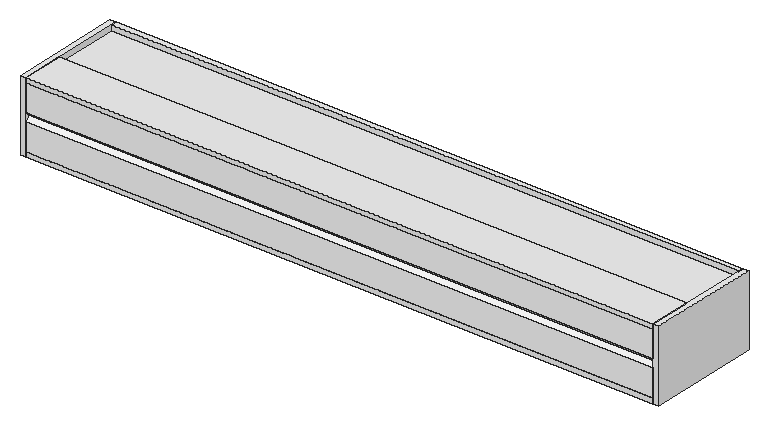
Revit family "4070742+4070747 Feilo Sylvania Lighting Fixture CURSUS 306MM 218LM OVAL LED 4K with SINGLE WALL HOUSING", category Lighting Fixtures, host Face, Revit 2017
Family settings
  Host = Face
  Round Connector Dimension = Use Diameter
  Part Type = Normal
  OmniClass Number = 23.80.70.14
  OmniClass Title = Luminaries for External Lighting
  Cut with Voids When Loaded = Yes
  Light Source = Yes
  Shared = Yes
  Room Calculation Point = No
Parameters (values of type "4070742 CURSUS 306MM 218LM OVAL LED 4K")
  Width_FEILO = 35 mm
  Weight = "0.6 kg"
  Wattage Comments = "n/a"
  Wattage = 4.5 W
  WarrantyStartDate [instance] = "n/a"
  WarrantyGuarantorParts = "n/a"
  WarrantyDurationUnit = "n/a"
  WarrantyDurationParts = "n/a"
  WarrantyDescription = "n/a"
  WallThickness_FEILO = 2.5 mm
  built-in parameter 1150110 = 1 (stored number, unit not read)
  Voltage = 24 V
  URL = "http://www.sylvania-lighting.com"
  TypeName = "CURSUS 306MM 218LM OVAL LED 4K"
  Type Image = <None>
  Type Comments = "n/a"
  built-in parameter 1114217 = 1 (stored number, unit not read)
  Tilt Angle = -90.00°
  built-in parameter 1150109 = 1 (stored number, unit not read)
  built-in parameter 1150134 = 12
  built-in parameter 1150113 = 1 (stored number, unit not read)
  SerialNumber [instance] = "n/a"
  ReflectorMaterial = none
  PowerFactor = 0
  PowerConsumption = "4.5 W"
  Photometric Web File = "4070742.ies"
  NominalLength = 306 mm
  NominalHeight = 50 mm
  NominalDepth = 30 mm
  Name = "CURSUS 306MM 218LM OVAL LED 4K"
  ModelReference = Name  # "CURSUS 306MM 218LM OVAL LED 4K"
  ModelNumber = "4070742"
  Model = Name  # "CURSUS 306MM 218LM OVAL LED 4K"
  Material = "natural anodised extruded aluminium structure housing, optical system with pmma lenses diffuser"
  ManufacturerName = "Feilo Sylvania"
  Manufacturer = "Feilo Sylvania"
  LuminousEfficacy = "48.44 lm/W"
  built-in parameter 1150105 = 298.55 (stored number, unit not read)
  Lumens = 218 lm
  LuminaireType = ""
  built-in parameter 1150115 = 1 (stored number, unit not read)
  LightOutputRatio = "100"
  built-in parameter 1150137 = (empty or 0)
  built-in parameter 1150139 = (empty or 0)
  Length_FEILO = 312 mm
  LampsType = Lamp  # "LED"
  LampNominalLuminous = "218 lm"
  LampMacAdamStep = "n/a"
  LampColourTemperature = "4000 K"
  LampColourRenderingIndex = "80"
  built-in parameter 1150112 = 1 (stored number, unit not read)
  built-in parameter 1150114 = 1 (stored number, unit not read)
  Lamp = "LED"
  Keynote = "16500"
  InstallationDate [instance] = "n/a"
  InputVoltage = "24V DC"
  InputNominalFrequency = "n/a"
  built-in parameter 1150132 = (empty or 0)
  built-in parameter 1150102 = (empty or 0)
  built-in parameter 1150107 = 4000 (stored number, unit not read)
  built-in parameter 1150138 = (empty or 0)
  IngressProtection = "IP67"
  ImpactProtectionIndex = "IK07"
  built-in parameter 1150106 = 2.9855 (stored number, unit not read)
  IfcExportType = "IfcLightFixtureType"
  IfcExportAs = "IfcLightFixtureType"
  ExpectedLife = 50000
  EndCapRight [instance] = yes
  EndCapLeft [instance] = yes
  Emit from Rectangle Width = Width_FEILO - WallThickness_FEILO * 2  # 30 mm
  Emit from Rectangle Length = Length_FEILO - WallThickness_FEILO * 2  # 307 mm
  Emit Shape Visible in Rendering = no
  ElectricShockClassification = "Class III"
  built-in parameter 1150104 = 4.5006 (stored number, unit not read)
  DurationUnit = "hours"
  DocumentationLiterature = "http://www.sylvania-lighting.com/product/en-int/products/4070742"
  DimmingControlOptions = "n/a"
  Dimming Lamp Color Temperature Shift = <None>
  DiffuserMaterial = Diffuser-Sylvania-Glow
  Description = "LED Exterior Lighting Recessed Surface Mounted Linear Fixture, Natural anodised extruded aluminium structure. Die-cast aluminium end caps. Installation kit with harmonic steel springs., 218 lm, 4,5W,  48lm/W, 4000K, CRI80+,non dimmable,IP67, IK07, (HxWxD) 306x50x30mm, 3 step Mac Adam Ellipse, 0.6kg,, Classe III, 21-25V-DC, energy class : A++, A+, A"
  Default Elevation = 1219.2 mm
  CreatedOn = "1/8/2018"
  CreatedBy = ""
  Cost = 0
  Color Filter = 16777215
  built-in parameter 1114216 [instance] = (empty or 0)
  ClassificationValue = "EF_70_80"
  ClassificationName = "Uniclass2015"
  BodyMaterial = Body-Sylvania-Gray
  BarCode [instance] = "n/a"
  built-in parameter 1114218 = 1 (stored number, unit not read)
  built-in parameter 1150133 = 10 (stored number, unit not read)
  AssetType = "Fixed"
  AssetIdentifier [instance] = "n/a"
  Assembly Code = "D5020200"
  Apparent Load = 4.5 VA
  AccessoryMaterial = Diffuser-Sylvania-Glow
Reference planes
  plane 1 "Center (Front/Back)": y = 0
  plane 2: z = 0
  plane 3 "Center (Left/Right)": x = 0
  plane 4: x = 156
  plane 5: x = -156
  plane 6: x = -153.5
  plane 7: x = 153.5
  plane 8: z = 35
  plane 9: z = 17.5
  plane 10: z = 32.5
  plane 11: z = 2.5
  plane 12: z = 30
  plane 13: z = 5
  plane 14: y = -55
  plane 15: y = -53
  plane 16: y = -2.5
  plane 17: y = -37
  plane 18: y = -34.5
Forms (mm)
  Extrusion 1, solid, material "Body-Sylvania-Gray" <- "BodyMaterial"
    sketch origin (0, 0, 0) x (0, 1, 0) y (0, 0, 1)
      loop
        line (0, 35) -> (-2.5, 35) -> (-2.5, 32.5) -> (-34.5, 32.5) -> (-34.5, 35) -> (-55, 35) -> (-55, 32.5) -> (-37, 32.5) -> (-37, 30) -> (-2.5, 30) -> (-2.5, 5) -> (-37, 5) -> (-37, 2.5) -> (-55, 2.5) -> (-55, 0) -> (-34.5, 0) -> (-34.5, 2.5) -> (-2.5, 2.5) -> (-2.5, 0) -> (0, 0) -> (0, 35)
    from -153.5 to 153.5
  Extrusion 2, solid, material "Diffuser-Sylvania-Glow" <- "DiffuserMaterial"
    sketch origin (0, 0, 0) x (0, 1, 0) y (0, 0, 1)
      loop
        line (-37, 32.5) -> (-55, 32.5) -> (-55, 19.5) -> (-53, 17.5) -> (-55, 15.5) -> (-55, 2.5) -> (-37, 2.5) -> (-37, 32.5)
    from -153.5 to 153.5
  Extrusion 3, solid, material "Body-Sylvania-Gray" <- "BodyMaterial", visible <- "EndCapRight"
    sketch origin (153.5, 1524, 1219.2) x (0, 1, 0) y (0, 0, 1)
      loop
        line (-1579, -1184.2) -> (-1579, -1219.2) -> (-1524, -1219.2) -> (-1524, -1184.2) -> (-1579, -1184.2)
    from 0 to 2.5
  Extrusion 4, solid, material "Body-Sylvania-Gray" <- "BodyMaterial", visible <- "EndCapLeft"
    sketch origin (-153.5, 1524, 1219.2) x (0, 1, 0) y (0, 0, 1)
      loop
        line (-1579, -1184.2) -> (-1579, -1219.2) -> (-1524, -1219.2) -> (-1524, -1184.2) -> (-1579, -1184.2)
    from -2.5 to 0
Dimensions and locks
  equal spacing: plane 5, plane 3 "Center (Left/Right)", plane 4
  "Length_FEILO": plane 5 to plane 4
  equal spacing: plane 6, plane 3 "Center (Left/Right)", plane 7
  "WallThickness_FEILO": plane 5 to plane 6
  locked: plane 9 to plane 2 at 17.5
  locked: plane 8 to plane 2 at 35
  equal spacing: plane 11, plane 9, plane 10
  equal spacing: plane 13, plane 9, plane 12
  "WallThickness_FEILO": plane 12 to plane 10
  locked: plane 14 to plane 15 at 2
  locked: plane 14 to plane 17 at 18
  "WallThickness_FEILO": plane 17 to plane 18
  "WallThickness_FEILO": plane 16 to plane 1 "Center (Front/Back)"
  locked: plane 15 to Extrusion 2 sketch curve (angle 45.00°)
  locked: Extrusion 2 sketch curve to plane 15 (angle 45.00°)
  aligned and locked: plane 2 to host face
  aligned and locked: level to host face
  aligned and locked: plane 1 "Center (Front/Back)" to Extrusion 1 sketch curve
  aligned and locked: Extrusion 1 sketch curve to plane 8  (x2)
  aligned and locked: plane 16 to Extrusion 1 sketch curve
  aligned and locked: host face to Extrusion 1 sketch curve
  aligned and locked: Extrusion 1 sketch curve to plane 16  (x2)
  aligned and locked: Extrusion 1 sketch curve to plane 11
  aligned and locked: plane 18 to Extrusion 1 sketch curve
  aligned and locked: level to Extrusion 1 sketch curve
  aligned and locked: plane 11 to Extrusion 1 sketch curve
  aligned and locked: Extrusion 1 sketch curve to plane 17
  aligned and locked: plane 13 to Extrusion 1 sketch curve
  aligned and locked: Extrusion 1 sketch curve to plane 12
  aligned and locked: plane 10 to Extrusion 1 sketch curve  (x2)
  aligned and locked: plane 17 to Extrusion 1 sketch curve  (x2)
  aligned and locked: plane 12 to Extrusion 1 sketch curve
  aligned and locked: Extrusion 1 sketch curve to plane 10
  aligned and locked: Extrusion 1 sketch curve to plane 18
  aligned and locked: plane 7 to Extrusion 1
  aligned and locked: Extrusion 1 to plane 6
  aligned and locked: Extrusion 2 sketch curve to Extrusion 1  (x4)
  aligned and locked: Extrusion 1 to Extrusion 2 sketch curve
  aligned and locked: plane 9 to Extrusion 2 sketch curve
  aligned and locked: plane 7 to Extrusion 2
  aligned and locked: Extrusion 2 to plane 6
  aligned and locked: Extrusion 3 sketch curve to Extrusion 1  (x4)
  aligned and locked: plane 4 to Extrusion 3
  aligned and locked: Extrusion 3 to plane 7
  aligned and locked: Extrusion 4 sketch curve to Extrusion 3  (x3)
  aligned and locked: Extrusion 4 sketch curve to Extrusion 1
  aligned and locked: Extrusion 4 to plane 5
  aligned and locked: plane 6 to Extrusion 4
  aligned and locked: plane 14 to imposter light
  aligned and locked: imposter light to plane 9
  aligned and locked: plane 3 "Center (Left/Right)" to imposter light
Automatic sketch dimensions
  host sketch curve to host sketch curve = 2438.4 mm  (x2)
  Extrusion 1 sketch curve to plane 14 = 0 mm  (x2)
  Extrusion 2 sketch curve to plane 15 = 0 mm
Connectors
  electrical at (0, 0, 0), driven by "Apparent Load", driven by "PowerFactor", driven by "Voltage"
    settings: index 1, voltage 24 V, apparent load 4.5 VA, apparent load phase1 0 VA, apparent load phase2 0 VA, apparent load phase3 0 VA, power factor 0, load classification "Lighting", number of poles 1, system type 30, power factor state 1, is connector primary yes, connector utility no, sub classification motor no, connector description ""
